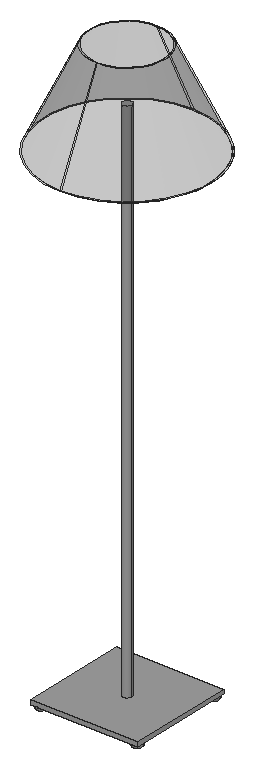
Revit family "M_Floor Lamp - Standup", category Lighting Fixtures, Revit 2017
Family settings
  Round Connector Dimension = Use Diameter
  Part Type = Normal
  OmniClass Number = 23.80.70.11.11
  OmniClass Title = General Luminaries, Non Directional
  Work Plane-Based = No
  Always vertical = Yes
  Cut with Voids When Loaded = No
  Light Source = Yes
  Shared = No
  Room Calculation Point = No
Parameters (values of type "150W - 277V")
  Wattage = 150 W
  built-in parameter 1150110 = 1 (stored number, unit not read)
  built-in parameter 1114217 = 1 (stored number, unit not read)
  built-in parameter 1150109 = 1 (stored number, unit not read)
  built-in parameter 1150134 = 4
  built-in parameter 1150113 = 1 (stored number, unit not read)
  built-in parameter 1150115 = 1 (stored number, unit not read)
  built-in parameter 1150105 = 226.8 (stored number, unit not read)
  Load Classification = Lighting - Dwelling Unit
  Light Source Symbol Size = 50 mm
  built-in parameter 1150137 = 1
  built-in parameter 1150139 = (empty or 0)
  built-in parameter 1150112 = 1 (stored number, unit not read)
  built-in parameter 1150114 = 1 (stored number, unit not read)
  built-in parameter 1150132 = (empty or 0)
  built-in parameter 1150102 = (empty or 0)
  built-in parameter 1150138 = (empty or 0)
  built-in parameter 1150107 = 2800 (stored number, unit not read)
  built-in parameter 1150106 = 2.268 (stored number, unit not read)
  built-in parameter 1150104 = 1.7652 (stored number, unit not read)
  Dimming Lamp Color Temperature Shift = <None>
  Color Filter = 16777215
  Ballast Voltage = 277 V
  Ballast Number of Poles = 1
  built-in parameter 1114218 = 1 (stored number, unit not read)
  built-in parameter 1150133 = 10 (stored number, unit not read)
  Assembly Code = "D5020220"
  Lamp = "A-21"
  Lumens = 2850 lm
  Shade = Cloth, Lamp Shade
  Stand = Steel, Chrome Plated
  Wattage Comments = "150"
  Apparent Load = 150 VA
Types (5, lengths in mm): name | Wattage | built-in parameter 1150105 | built-in parameter 1150106 | built-in parameter 1150104 | Ballast Voltage | Lamp | Lumens | Wattage Comments | Apparent Load
  (no name) | 150 W | 226.8 (stored number, unit not read) | 2.268 (stored number, unit not read) | 1.7652 (stored number, unit not read) | 277 V | "A-21" | 2850 lm | "150" | 150 VA
  100W - 120V | 100 W | 139.26 (stored number, unit not read) | 1.3926 (stored number, unit not read) | 1.6258 (stored number, unit not read) | 120 V | "A-19" | 1750 lm | "100" | 100 VA
  100W - 277V | 100 W | 139.26 (stored number, unit not read) | 1.3926 (stored number, unit not read) | 1.6258 (stored number, unit not read) | 277 V | "A-19" | 1750 lm | "100" | 100 VA
  150W - 277V | 150 W | 226.8 (stored number, unit not read) | 2.268 (stored number, unit not read) | 1.7652 (stored number, unit not read) | 277 V | "A-21" | 2850 lm | "150" | 150 VA
  150W - 120V | 150 W | 226.8 (stored number, unit not read) | 2.268 (stored number, unit not read) | 1.7652 (stored number, unit not read) | 120 V | "A-21" | 2850 lm | "150" | 150 VA
Reference planes
  plane 1 "Light Source Axis": y = 0
  plane 2: z = 0
  plane 3 "Light Source Axis": x = 0
  plane 4: y = 134.618
  plane 5 "Light Source Elevation": z = 1592.529
Forms (mm)
  Revolve 1, solid, material "Steel, Chrome Plated" <- "Stand"
    sketch origin (136.32, -210.458, 0) x (0, 1, 0) y (0, 0, 1)
      loop
        arc (349.625, 0) -> (358.596, 3.716) -> (362.312, 12.687) r 12.687
        line (362.312, 12.687) -> (349.625, 12.687) -> (349.625, 0)
      axis (346.516, 0) -> (346.516, 12.687)
    angle from -90 to 270
  Revolve 2, solid, material "Steel, Chrome Plated" <- "Stand"
    sketch origin (-136.032, -210.819, 0) x (0, 1, 0) y (0, 0, 1)
      loop
        arc (349.625, 0) -> (358.596, 3.716) -> (362.312, 12.687) r 12.687
        line (362.312, 12.687) -> (349.625, 12.687) -> (349.625, 0)
      axis (346.516, 0) -> (346.516, 12.687)
    angle from -90 to 270
  Revolve 3, solid, material "Steel, Chrome Plated" <- "Stand"
    sketch origin (-135.437, -482.706, 0) x (0, 1, 0) y (0, 0, 1)
      loop
        arc (349.625, 0) -> (358.596, 3.716) -> (362.312, 12.687) r 12.687
        line (362.312, 12.687) -> (349.625, 12.687) -> (349.625, 0)
      axis (346.516, 0) -> (346.516, 12.687)
    angle from -90 to 270
  Revolve 4, solid, material "Steel, Chrome Plated" <- "Stand"
    sketch origin (137.046, -482.111, 0) x (0, 1, 0) y (0, 0, 1)
      loop
        arc (349.625, 0) -> (358.596, 3.716) -> (362.312, 12.687) r 12.687
        line (362.312, 12.687) -> (349.625, 12.687) -> (349.625, 0)
      axis (346.516, 0) -> (346.516, 12.687)
    angle from -90 to 270
  Extrusion 5, solid, material "Steel, Chrome Plated" <- "Stand"
    sketch origin (0, 0, 0) x (1, 0, 0) y (0, 1, 0)
      loop
        line (-152.4, 152.4) -> (-152.4, -152.4) -> (152.4, -152.4) -> (152.4, 152.4) -> (-152.4, 152.4)
    from 12.687 to 24.964
  Extrusion 6, solid, material "Steel, Chrome Plated" <- "Stand"
    sketch origin (0, 0, 24.964) x (1, 0, 0) y (0, 1, 0)
      loop
        circle (0, 0) r 12.7
    from 0 to 1499.036
  Revolve 7, solid, material "Cloth, Lamp Shade" <- "Shade"
    sketch origin (0, 0, 0) x (0, 1, 0) y (0, 0, 1)
      loop
        line (108.573, 1674.186) -> (104.059, 1674.186) -> (233.338, 1403.575) -> (237.852, 1403.575) -> (108.573, 1674.186)
      axis (0, 1674.186) -> (0, 1403.575)
    angle from 0 to 360
Lines and regions (mm)
  Masking region 1
    outline origin (0, 0, 0) x (1, 0, 0) y (0, 1, 0)
      loop
        circle (0, 0) r 241.3
  symbolic lines
    curve 1: arc (241.3, 0, 0) -> (0, 241.3, 0) -> (-241.3, 0, 0) r 241.3
    curve 2: arc (-241.3, 0, 0) -> (0, -241.3, 0) -> (241.3, 0, 0) r 241.3
    curve 3: arc (107.315, 0, 0) -> (0, 107.315, 0) -> (-107.315, 0, 0) r 107.315
    curve 4: arc (-107.315, 0, 0) -> (0, -107.315, 0) -> (107.315, 0, 0) r 107.315
Dimensions and locks
  aligned and locked: Extrusion 6 to Extrusion 5
  aligned and locked: Masking region 1 sketch curve to curve 1
  aligned and locked: plane 3 "Light Source Axis" to imposter light
  aligned and locked: plane 1 "Light Source Axis" to imposter light
  aligned and locked: plane 5 "Light Source Elevation" to imposter light
